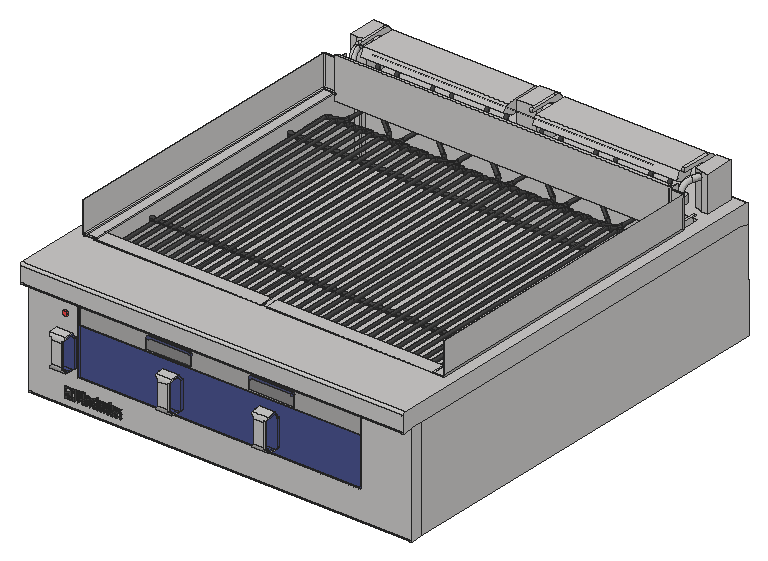
Revit family "QF_ELECTROLUXPROFESSIONAL_589286_MCDEAAHOIO", category Specialty Equipment, Revit 2018 (continued)
Definition of nested family "GC_900_800_Front_Panel"
  Automatic sketch dimensions
    plane 1 "Center (Front/Back)" to curve 7 = 6.436 mm
    curve 6 to curve 7 = 9.839 mm
    curve 9 to curve 9 = 4.17 mm
    curve 2 to curve 2 = 4.17 mm
    plane 1 "Center (Front/Back)" to curve 4 = 6.436 mm
    curve 2 to curve 4 = 12.538 mm
    curve 9 to curve 9 = 0.302 mm
    curve 12 to curve 15 = 0.302 mm
    curve 2 to curve 2 = 0.302 mm
    Extrusion 1 sketch curve to plane 1 "Center (Front/Back)" = 0 mm
    plane 1 "Center (Front/Back)" to Extrusion 1 sketch curve = 22 mm
    Extrusion 1 sketch curve to Extrusion 1 sketch curve = 3 mm
    level to Extrusion 1 sketch curve = 650 mm
    Extrusion 1 sketch curve to Extrusion 1 sketch curve = 210 mm
    plane 4 to Extrusion 2 sketch curve = 103 mm
    Extrusion 2 sketch curve to plane 5 = 103 mm
    level to Extrusion 2 sketch curve = 711.866 mm
    Extrusion 2 sketch curve to Extrusion 2 sketch curve = 142 mm
    plane 4 to Extrusion 3 sketch curve = 78 mm
    level to Extrusion 3 sketch curve = 825.517 mm
    curve 8 to curve 8 = 1.887 mm
    curve 12 to curve 11 = 1.887 mm
    curve 3 to curve 3 = 1.887 mm
    curve 13 to curve 13 = 1.887 mm
    curve 7 to curve 6 = 1.887 mm
    curve 1 to curve 1 = 1.887 mm
    radius of Extrusion 3 sketch curve = 5 mm
  Nested families
    nested 1: "Range Control Handle" at (-174.376, -28.137, -209.113) x (-1, 0, 0) z (0, 0, 1), type "Range Control Handle"
    nested 2: "glass conrol panel2" at (147.624, 280.644, 2.752), type "glass conrol panel2"
    nested 3: "Range Control Handle" at (47.624, -28.137, -209.113) x (-1, 0, 0) z (0, 0, 1), type "Range Control Handle"
    nested 4: "Range Control Handle" at (248.804, -28.137, -209.113) x (-1, 0, 0) z (0, 0, 1), type "Range Control Handle"
  Definition of nested family "Range Control Handle"
    Reference planes
      plane 1 "Center (Front/Back)": y = 0
      plane 2: z = 0
      plane 3 "Center (Left/Right)": x = 0
      plane 4: z = 971.092
    Forms (mm)
      Extrusion 1, solid
        sketch origin (-746.28, 380.497, 208.931) x (-1, 0, 0) y (0, 0, 1)
          loop
            line (-770.101, 786.798) -> (-770.101, 731.649)
            arc (-770.101, 731.649) -> (-769.759, 730.563) -> (-768.855, 729.87) r 1.893
            line (-768.855, 729.87) -> (-763.474, 727.911) -> (-729.81, 727.911) -> (-724.428, 729.87)
            arc (-724.428, 729.87) -> (-723.525, 730.563) -> (-723.183, 731.649) r 1.893
            line (-723.183, 731.649) -> (-723.183, 786.798)
            arc (-723.183, 786.798) -> (-723.529, 787.894) -> (-724.44, 788.593) r 1.91
            line (-724.44, 788.593) -> (-729.683, 790.819) -> (-763.601, 790.819) -> (-768.844, 788.593)
            arc (-768.844, 788.593) -> (-769.755, 787.894) -> (-770.101, 786.798) r 1.91
        from -382.35 to -378.852
      Sweep 2, solid
        path origin (-746.788, 380.496, 208.091) x (0, -1, 0) y (0, 0, 1)
          loop
            line (379.775, 793.281) -> (395.661, 791.048)
            arc (395.661, 791.048) -> (397.781, 787.377) -> (398.517, 783.202) r 12.207
            line (398.517, 783.202) -> (398.517, 737.368)
            arc (398.517, 737.368) -> (397.781, 733.193) -> (395.661, 729.522) r 12.207
            line (395.661, 729.522) -> (379.775, 727.289)
        profile origin (-746.788, -7.222, 1000.256) x (0, -0.139173, 0.990268) y (-1, 0, 0)
          loop
            line (0.782, -763.123) -> (0.782, -730.907) -> (-1.322, -730.907) -> (-1.322, -763.123) -> (0.782, -763.123)
      Sweep 3, solid
        path origin (-746.788, 380.715, 207.832) x (0, -1, 0) y (0, 0, 1)
          loop
            line (380.478, 795.442) -> (397.218, 793.09)
            arc (397.218, 793.09) -> (399.929, 788.473) -> (400.871, 783.202) r 15.207
            line (400.871, 783.202) -> (400.871, 737.584)
            arc (400.871, 737.584) -> (399.914, 732.274) -> (397.164, 727.633) r 15.207
            line (397.164, 727.633) -> (380.601, 725.305)
        profile origin (-746.788, -8.132, 1002.099) x (0, -0.139173, 0.990268) y (-1, 0, 0)
          loop
            line (0.782, -763.123) -> (0.782, -730.907) -> (-1.322, -730.907) -> (-1.322, -763.123) -> (0.782, -763.123)
      Extrusion 4, void
        sketch origin (889.253, 220.666, 207.993) x (1, 0, 0) y (0, 0, 1)
          loop
            line (-943.038, 816.854) -> (-943.038, 703.686) -> (-899.466, 734.196) -> (-899.466, 786.344) -> (-943.038, 816.854)
        from 230.636 to 242.25
      Extrusion 5, void
        sketch origin (-888.8, 220.666, 207.993) x (-1, 0, 0) y (0, 0, -1)
          loop
            line (-943.038, -816.854) -> (-899.466, -786.344) -> (-899.466, -734.196) -> (-943.038, -703.686) -> (-943.038, -816.854)
        from 230.636 to 242.25
      Extrusion 6, solid
        sketch origin (0, 0, 0) x (1, 0, 0) y (0, 0, 1)
          loop
            circle (0, 971.092) r 7.736
        from -3.137 to -1.645
    Cuts and joins
      Extrusion 4, Extrusion 5 cuts Sweep 3
      Extrusion 4, Extrusion 5 cuts Sweep 2
      joined: Extrusion 1, Extrusion 6
    Lines and regions (mm)
      symbolic lines
        curve 1: line (23.821, 1.645, 0) -> (-23.097, 1.645, 0)
        curve 2: line (16.334, -1.853, 0) -> (23.821, -1.853, 0)
        curve 3: line (-15.881, -19.189, 0) -> (-15.881, -1.853, 0)
        curve 4: line (-23.097, -1.853, 0) -> (-15.881, -1.853, 0)
        curve 5: line (16.334, -19.189, 0) -> (16.334, -1.853, 0)
        curve 6: spline (-15.881, -19.189, 0) -> (-15.417, -19.349, 0) -> (-14.951, -19.501, 0) -> (-14.483, -19.646, 0) -> (-14.014, -19.783, 0) -> (-13.543, -19.912, 0) -> (-13.071, -20.033, 0) -> (-12.597, -20.146, 0) -> (-12.122, -20.251, 0) -> (-11.646, -20.349, 0) -> (-11.169, -20.438, 0) -> (-10.691, -20.52, 0) -> (-10.213, -20.593, 0)
        curve 7: spline (10.666, -20.593, 0) -> (11.144, -20.52, 0) -> (11.622, -20.438, 0) -> (12.099, -20.349, 0) -> (12.575, -20.251, 0) -> (13.05, -20.146, 0) -> (13.524, -20.033, 0) -> (13.996, -19.912, 0) -> (14.467, -19.783, 0) -> (14.936, -19.646, 0) -> (15.404, -19.501, 0) -> (15.87, -19.349, 0) -> (16.334, -19.189, 0)
        curve 8: line (-10.213, -20.938, 0) -> (10.716, -20.938, 0)
        curve 9: line (-23.097, 1.645, 0) -> (-23.097, -1.853, 0)
        curve 10: line (23.821, 1.645, 0) -> (23.821, -1.853, 0)
  Definition of nested family "glass conrol panel2"
    Reference planes
      plane 1 "Center (Front/Back)": y = 0
      plane 2: z = 0
      plane 3 "Center (Left/Right)": x = 0
    Forms (mm)
      Extrusion 1, solid
        sketch origin (378.286, 0, 0.617) x (1, 0, 0) y (0, 0, 1)
          loop
            line (-675.286, 806.791) -> (-675.286, 708.497) -> (-81.286, 708.497) -> (-81.286, 806.791) -> (-675.286, 806.791)
        from 300.031 to 304.8
      Extrusion 2, solid
        sketch origin (378.286, 0, 0.617) x (1, 0, 0) y (0, 0, 1)
          loop
            line (-675.286, 850.497) -> (-675.286, 806.791) -> (-81.286, 806.791) -> (-81.286, 850.497) -> (-675.286, 850.497)
        from 300.031 to 304.8
      Extrusion 3, void
        sketch origin (378.286, 0, 0.617) x (1, 0, 0) y (0, 0, 1)
          loop
            line (-672.628, 847.565) -> (-672.628, 710.699) -> (-84.196, 710.699) -> (-84.196, 847.565) -> (-672.628, 847.565)
        from 303.697 to 304.8
      Extrusion 4, solid
        sketch origin (-415.186, 1.101, -0.633) x (-1, 0, 0) y (0, 0, -1)
          loop
            line (-261.431, -812.62) -> (-355.186, -812.62) -> (-355.186, -834.177) -> (-350.269, -834.177) -> (-348.469, -835.977) -> (-268.039, -835.977) -> (-266.24, -834.177) -> (-261.431, -834.177) -> (-261.431, -812.62)
        from 304.798 to 306.745
      Extrusion 5, solid
        sketch origin (-415.186, 1.101, -0.633) x (-1, 0, 0) y (0, 0, -1)
          loop
            line (-350.269, -834.177) -> (-355.078, -834.177)
            arc (-355.078, -834.177) -> (-353.942, -838.747) -> (-349.686, -840.763) r 5.5
            line (-349.686, -840.763) -> (-266.98, -840.763)
            arc (-266.98, -840.763) -> (-262.706, -838.752) -> (-261.529, -834.177) r 5.549
            line (-261.529, -834.177) -> (-266.24, -834.177) -> (-268.039, -835.977) -> (-348.469, -835.977) -> (-350.269, -834.177)
        from 304.798 to 306.745
      Extrusion 6, solid
        sketch origin (-201.431, 1.101, -0.633) x (-1, 0, 0) y (0, 0, -1)
          loop
            line (-261.431, -812.62) -> (-355.186, -812.62) -> (-355.186, -834.177) -> (-350.269, -834.177) -> (-348.469, -835.977) -> (-268.039, -835.977) -> (-266.24, -834.177) -> (-261.431, -834.177) -> (-261.431, -812.62)
        from 304.798 to 306.745
      Extrusion 7, solid
        sketch origin (-201.431, 1.101, -0.633) x (-1, 0, 0) y (0, 0, -1)
          loop
            line (-350.269, -834.177) -> (-355.078, -834.177)
            arc (-355.078, -834.177) -> (-353.942, -838.747) -> (-349.686, -840.763) r 5.5
            line (-349.686, -840.763) -> (-266.98, -840.763)
            arc (-266.98, -840.763) -> (-262.706, -838.752) -> (-261.529, -834.177) r 5.549
            line (-261.529, -834.177) -> (-266.24, -834.177) -> (-268.039, -835.977) -> (-348.469, -835.977) -> (-350.269, -834.177)
        from 304.798 to 306.745
    Cuts and joins
      Extrusion 3 cuts Extrusion 1
      Extrusion 3 cuts Extrusion 2
    Dimensions and locks
      aligned and locked: Extrusion 1 to Extrusion 2
      aligned and locked: Extrusion 5 sketch curve to Extrusion 4  (x5)
      aligned and locked: Extrusion 5 to Extrusion 4
      aligned and locked: Extrusion 7 sketch curve to Extrusion 6  (x5)
      aligned and locked: Extrusion 7 to Extrusion 6
Types (2, lengths in mm): name | URL | Phase | Model | Manufacturer | Description | Cold Water Size
  (no name) | 0 | 0 | 0 | 0 | 0 | 0"
  Standard | "http://professional.electrolux.com" | 3 | "MCDEAAHOIO" | "Electrolux Professional" | "ELECTRIC CHARGRILL, 1 SIDE, 800X900X250H" | 1/2"
